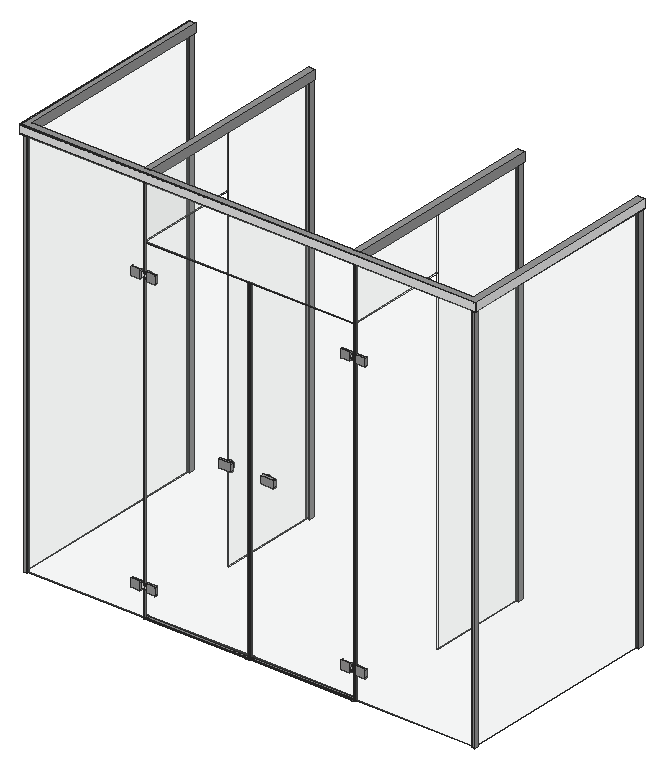
Revit family "Sanitary_Bath-screens_Modular system_Duscholux_SYSTEM210_S21-A", category Aparatos sanitarios, Revit 2019
Family settings
  Cota de conector redondo = Diámetro de uso
  Tipo de pieza = Normal
  Número OmniClass = 23.45.00.00
  Título OmniClass = Sanitary, Laundry, and Cleaning Equipment
  Se basa en plano de trabajo = No
  Siempre vertical = Sí
  Corte con vacíos al cargar = No
  Compartido = No
  Punto de cálculo de habitación = No
Parameters (values of type "Platinum Aluminium Finish Superior guide White PanElle")
  Uper profile guide = PanElle White_Duscholux Material
  Superior Glass Height = if(Max Doors Height < 2100 mm, 1 mm, (Max Height - 2134 mm))  # 366 mm
  Min Max Length fixed segment 2 = if(Length fixed segment 2 < 180 mm, 180 mm, if(Length fixed segment 2 > 1400 mm, 1400 mm, Length fixed segment 2))  # 750 mm
  Min Max Length fixed segment = if(Length fixed segment 1 < 180 mm, 180 mm, if(Length fixed segment 1 > 1400 mm, 1400 mm, Length fixed segment 1))  # 750 mm
  Min Max Doors aperture = if(Doors aperture < 400 mm, 400 mm, if(Doors aperture > 1000 mm, 1000 mm, Doors aperture))  # 650 mm
  Min Max Length Central fixed segments = if(Length Central fixed segments < 180 mm, 180 mm, if(Length Central fixed segments > 1400 mm, 1400 mm, Length Central fixed segments))  # 650 mm
  Max Doors Height = if(Max Height > 2154 mm, 2100 mm, (Max Height - 34 mm))  # 2100 mm
  Length fixed segment 2 = 750 mm
  Length fixed segment 1 = 750 mm
  Lenght = (Min Max Doors aperture * 2) + (Min Max Length fixed segment + Min Max Length fixed segment 2)  # 2800 mm
  Uniclass 2015 Description = "Shower Enclosures"
  Uniclass 2015 Code = "PR-40-20-06-79"
  URL = "http://www.duscholux.es/"
  UNSPSC Code = "30181507"
  Thickness Glass = 6 mm  # constant formula
  Thickness Fixed Segment = 8 mm  # constant formula
  Technical Inspection Certificate (Applus) = "https://www.duscholux.es/es/Descargas/"
  Series = "SYSTEM 210"
  Ref. = "S21_A"
  Products = "http://www.duscholux.es/mamparas_filtro.aspx?es"
  Openning right angle = 0.00°
  Openning left angle = 0.00°
  Opening System Image = ""
  Opening System = "Pivot Door"
  NBS Reference Description = "Shower Enclosures"
  NBS Reference Code = "45-35-70"
  Model = ""
  Min Max Length = if(Lenght < 900 mm, 900 mm, if(Lenght > 2100 mm, 2100 mm, Lenght))  # 2100 mm
  Max Height = if(Height < 1900 mm, 1900 mm, if(Height > 2500 mm, 2500 mm, Height))  # 2500 mm
  Maintenance and Cleaning = "https://www.duscholux.es/es/Cuidado-y-limpieza/"
  Image = "https://www.duscholux.es/medium/DUSCHOLUX-SYSTEM-210-NEGRO-NIEBLA-vCUADRADO.jpg?m=7563&w=960&h=960&g=0"
  IFC Classification = "Furnishing Element"
  Height = 2500 mm
  Handle Material = Anodized Aluminium_Duscholux Material-Platinum Finish
  Handle Height = Max Doors Height / 2  # 1050 mm
  Glass in Building UNE EN 12150 = "CE Conformity marking"
  Glass Material = Glass_Material-Duscholux
  Frame Material = Anodized Aluminium_Duscholux Material-Platinum Finish
  Length Central fixed segments = 650 mm
  Fact Sheet = "https://www.duscholux.es/es/Producto/System-210"
  Fabricante = "Duscholux Ibérica, S.A."
  Environmental Management ISO 14001 = "ECOEMBES Certificate"
  Doors aperture = 650 mm
  Descripción = "Modular system with fixed segments + pivot doors at 180º for different types of rooms"
  Código de montaje = "C1030200"
  Configuration enclosure = "http://configuratumampara.duscholux.es/eCatalogo.aspx"
  Components = "Eropean components"
  Type Comments = ""
  Combinations = "Customizable upper guide"
  Certified Quality UNE EN 14428 = "https://www.duscholux.es/es/Descargas/"
  COBIe Type Category = ""
  Accesories Material = Anodized Aluminium_Duscholux Material-Platinum Finish
Reference planes
  plane 1 "Centro (Frontal/Posterior)": y = 0
  plane 2: z = 0
  plane 3 "Centro (Izquierda/Derecha)": x = 0
  plane 4 "Altura total": z = 2500
  plane 5 "Altura tiradores": z = 1050
  plane 6: x = 4
  plane 7: y = 0
  plane 8 "Espesor puertas": y = 6
  plane 9 "Longitud total": x = 2800
  plane 10: z = 1920
  plane 11 "Espesor fijos": y = 8
  plane 12: x = 750
  plane 13 "Inicio vidrio puertas": z = 8
  plane 14 "Altura bisagra inferior": z = 180
  plane 15: x = 2050
  plane 16 "Ancho total": y = 1300
  plane 17: x = 2796
  plane 18: x = 2804
  plane 19 "Inicio guía superior": z = 2446
  plane 20: z = 1920
  plane 21 "Altura vidrios": z = 2466
  plane 22 "Altura puertas": z = 2100
  plane 23 "Altura bisagra superior": z = 1920
  plane 24: y = 3
  plane 25 "Eje inicio puerta 1": x = 747
  plane 26 "Eje inicio puerta 2": x = 2053
  plane 27: y = 650
  plane 28: x = 8
  plane 29: y = 0
Forms (mm)
  Extrusion 1, solid, material "Glass_Material-Duscholux" <- "Glass Material"
    sketch origin (0, 0, 0) x (1, 0, 0) y (0, 1, 0)
      loop
        line (13.847, 8) -> (13.847, 0) -> (744, 0) -> (744, 8) -> (13.847, 8)
    from 0 to 2466
  Extrusion 2, solid, material "Glass_Material-Duscholux" <- "Glass Material"
    sketch origin (750, 0, 0) x (1, 0, 0) y (0, 1, 0)
      loop
        line (0, 6) -> (0, 0) -> (644.7, 0) -> (644.7, 6) -> (0, 6)
    from 8 to 2100
  Extrusion 3, solid, material "Plástico, transparente"
    sketch origin (-322.583, -171.096, 0) x (1, 0, 0) y (0, 1, 0)
      loop
        line (1066.583, 179.096) -> (1066.583, 171.096) -> (1061.583, 171.096) -> (1061.583, 170.096) -> (1066.583, 170.096) -> (1071.183, 170.096)
        arc (1071.183, 170.096) -> (1072.583, 175.096) -> (1071.183, 180.096) r 9.629
        line (1071.183, 180.096) -> (1066.583, 180.096) -> (1061.583, 180.096) -> (1061.583, 179.096) -> (1066.583, 179.096)
      loop
        line (1067.583, 170.596) -> (1070.927, 170.596)
        arc (1070.927, 170.596) -> (1072.083, 175.096) -> (1070.927, 179.596) r 9.338
        line (1070.927, 179.596) -> (1067.583, 179.596) -> (1067.583, 170.596)
    from 1937.5 to 2446
  Extrusion 4, solid, material "Plástico, transparente"
    sketch origin (-322.583, -171.096, 0) x (1, 0, 0) y (0, 1, 0)
      loop
        line (1066.583, 179.096) -> (1066.583, 171.096) -> (1061.583, 171.096) -> (1061.583, 170.096) -> (1066.583, 170.096) -> (1071.183, 170.096)
        arc (1071.183, 170.096) -> (1072.583, 175.096) -> (1071.183, 180.096) r 9.629
        line (1071.183, 180.096) -> (1066.583, 180.096) -> (1061.583, 180.096) -> (1061.583, 179.096) -> (1066.583, 179.096)
      loop
        line (1067.583, 170.596) -> (1070.927, 170.596)
        arc (1070.927, 170.596) -> (1072.083, 175.096) -> (1070.927, 179.596) r 9.338
        line (1070.927, 179.596) -> (1067.583, 179.596) -> (1067.583, 170.596)
    from 197.5 to 1902.5
  Extrusion 5, solid, material "Plástico, transparente"
    sketch origin (-322.583, -171.096, 0) x (1, 0, 0) y (0, 1, 0)
      loop
        line (1066.583, 179.096) -> (1066.583, 171.096) -> (1061.583, 171.096) -> (1061.583, 170.096) -> (1066.583, 170.096) -> (1071.183, 170.096)
        arc (1071.183, 170.096) -> (1072.583, 175.096) -> (1071.183, 180.096) r 9.629
        line (1071.183, 180.096) -> (1066.583, 180.096) -> (1061.583, 180.096) -> (1061.583, 179.096) -> (1066.583, 179.096)
      loop
        line (1067.583, 170.596) -> (1070.927, 170.596)
        arc (1070.927, 170.596) -> (1072.083, 175.096) -> (1070.927, 179.596) r 9.338
        line (1070.927, 179.596) -> (1067.583, 179.596) -> (1067.583, 170.596)
    from 0 to 162.5
  Extrusion 6, solid, material "Glass_Material-Duscholux" <- "Glass Material"
    sketch origin (1400, 0, 0) x (1, 0, 0) y (0, 1, 0)
      loop
        line (5.3, 6) -> (5.3, 0) -> (650, 0) -> (650, 6) -> (5.3, 6)
    from 8 to 2100
  Extrusion 7, solid, material "Plástico, transparente"
    sketch origin (1622.583, -171.096, 0) x (-1, 0, 0) y (0, -1, 0)
      loop
        line (-433.417, -179.096) -> (-438.417, -179.096) -> (-438.417, -180.096) -> (-433.417, -180.096) -> (-428.817, -180.096)
        arc (-428.817, -180.096) -> (-427.417, -175.096) -> (-428.817, -170.096) r 9.629
        line (-428.817, -170.096) -> (-433.417, -170.096) -> (-438.417, -170.096) -> (-438.417, -171.096) -> (-433.417, -171.096) -> (-433.417, -179.096)
      loop
        line (-432.417, -170.596) -> (-432.417, -179.596) -> (-429.073, -179.596)
        arc (-429.073, -179.596) -> (-427.917, -175.096) -> (-429.073, -170.596) r 9.338
        line (-429.073, -170.596) -> (-432.417, -170.596)
    from 1937.5 to 2446
  Extrusion 8, solid, material "Glass_Material-Duscholux" <- "Glass Material"
    sketch origin (0, 0, 0) x (1, 0, 0) y (0, 1, 0)
      loop
        line (2056, 8) -> (2056, 0) -> (2790.153, 0) -> (2790.153, 8) -> (2056, 8)
    from 0 to 2466
  Extrusion 9, solid, material "Plástico, transparente"
    sketch origin (1622.583, -171.096, 0) x (-1, 0, 0) y (0, -1, 0)
      loop
        line (-433.417, -179.096) -> (-438.417, -179.096) -> (-438.417, -180.096) -> (-433.417, -180.096) -> (-428.817, -180.096)
        arc (-428.817, -180.096) -> (-427.417, -175.096) -> (-428.817, -170.096) r 9.629
        line (-428.817, -170.096) -> (-433.417, -170.096) -> (-438.417, -170.096) -> (-438.417, -171.096) -> (-433.417, -171.096) -> (-433.417, -179.096)
      loop
        line (-432.417, -170.596) -> (-432.417, -179.596) -> (-429.073, -179.596)
        arc (-429.073, -179.596) -> (-427.917, -175.096) -> (-429.073, -170.596) r 9.338
        line (-429.073, -170.596) -> (-432.417, -170.596)
    from 197.5 to 1902.5
  Extrusion 10, solid, material "Plástico, transparente"
    sketch origin (1622.583, -171.096, 0) x (-1, 0, 0) y (0, -1, 0)
      loop
        line (-433.417, -179.096) -> (-438.417, -179.096) -> (-438.417, -180.096) -> (-433.417, -180.096) -> (-428.817, -180.096)
        arc (-428.817, -180.096) -> (-427.417, -175.096) -> (-428.817, -170.096) r 9.629
        line (-428.817, -170.096) -> (-433.417, -170.096) -> (-438.417, -170.096) -> (-438.417, -171.096) -> (-433.417, -171.096) -> (-433.417, -179.096)
      loop
        line (-432.417, -170.596) -> (-432.417, -179.596) -> (-429.073, -179.596)
        arc (-429.073, -179.596) -> (-427.917, -175.096) -> (-429.073, -170.596) r 9.338
        line (-429.073, -170.596) -> (-432.417, -170.596)
    from 0 to 162.5
  Extrusion 11, solid, material "Anodized Aluminium_Duscholux Material-Platinum Finish" <- "Frame Material"
    sketch origin (-3.847, 0, 0) x (1, 0, 0) y (0, 1, 0)
      loop
        line (2799.647, 14.15) -> (2799.647, 17.65) -> (2797.497, 17.65) -> (2797.497, 10.35) -> (2790.5, 10.35) -> (2790.5, 8.2) -> (2794, 8.2) -> (2794, -0.2) -> (2790.5, -0.2) -> (2790.5, -2.35) -> (2810.197, -2.35) -> (2810.197, 17.65) -> (2808.047, 17.65) -> (2808.047, 14.15) -> (2799.647, 14.15)
    from 0 to 2446
  Extrusion 12, solid, material "Glass_Material-Duscholux" <- "Glass Material"
    sketch origin (0, 0, 0) x (1, 0, 0) y (0, 1, 0)
      loop
        line (2796, 14.15) -> (2804, 14.15) -> (2804, 1293.362) -> (2796, 1293.362) -> (2796, 14.15)
    from 0 to 2466
  Extrusion 13, solid, material "Anodized Aluminium_Duscholux Material-Platinum Finish" <- "Frame Material"
    sketch origin (0, 99.299, 0) x (1, 0, 0) y (0, 1, 0)
      loop
        line (2790, 1199.201) -> (2810, 1199.201) -> (2810, 1179.851) -> (2804.3, 1179.851) -> (2804.3, 1169.201) -> (2811.5, 1169.201) -> (2811.5, 1200.701) -> (2788.5, 1200.701) -> (2788.5, 1169.201) -> (2795.7, 1169.201) -> (2795.7, 1179.851) -> (2790, 1179.851) -> (2790, 1199.201)
    from 0 to 2446
  Extrusion 14, solid, material "Anodized Aluminium_Duscholux Material-Platinum Finish" <- "Accesories Material"
    sketch origin (0, 0, 0) x (1, 0, 0) y (0, 0, 1)
      loop
        line (2821.849, 2446) -> (2821.849, 2447.8) -> (2819.349, 2447.8) -> (2819.349, 2498.2) -> (2821.849, 2498.2) -> (2821.849, 2500) -> (2780.019, 2500) -> (2780.019, 2446) -> (2794.119, 2446) -> (2794.119, 2488.9) -> (2805.881, 2488.9) -> (2805.881, 2446) -> (2821.849, 2446)
    from -1300 to -23.981
  Extrusion 15, solid, material "Anodized Aluminium_Duscholux Material-Platinum Finish" <- "Accesories Material"
    sketch origin (0, 0, 0) x (0, 1, 0) y (0, 0, 1)
      loop
        line (-17.849, 2500) -> (-17.849, 2498.2) -> (-15.349, 2498.2) -> (-15.349, 2447.8) -> (-17.849, 2447.8) -> (-17.849, 2446) -> (-1.881, 2446) -> (-1.881, 2488.9) -> (9.881, 2488.9) -> (9.881, 2446) -> (23.981, 2446) -> (23.981, 2500) -> (-17.849, 2500)
    from -14.415 to 2819.546
  Extrusion 16, solid, material "PanElle White_Duscholux Material" <- "Uper profile guide"
    sketch origin (0, 0, 0) x (1, 0, 0) y (0, 0, 1)
      loop
        line (2821.946, 2498) -> (2819.546, 2498) -> (2819.546, 2448) -> (2821.946, 2448) -> (2821.946, 2498)
    from -1300 to 15.349
  Extrusion 17, solid, material "PanElle White_Duscholux Material" <- "Uper profile guide"
    sketch origin (0, 0, 0) x (0, 1, 0) y (0, 0, 1)
      loop
        line (-15.546, 2498) -> (-17.946, 2498) -> (-17.946, 2448) -> (-15.546, 2448) -> (-15.546, 2498)
    from -16.915 to 2821.946
  Extrusion 18, solid, material "Anodized Aluminium_Duscholux Material-Platinum Finish" <- "Accesories Material"
    sketch origin (0, 0, 0) x (1, 0, 0) y (0, 0, 1)
      loop
        line (2821.849, 2500) -> (2819.546, 2500) -> (2819.546, 2498.2) -> (2821.849, 2498.2) -> (2821.849, 2500)
    from -23.981 to 17.849
  Extrusion 19, solid, material "Anodized Aluminium_Duscholux Material-Platinum Finish" <- "Accesories Material"
    sketch origin (0, 0, 0) x (1, 0, 0) y (0, 0, 1)
      loop
        line (2821.849, 2446) -> (2821.849, 2447.8) -> (2819.546, 2447.8) -> (2819.546, 2446) -> (2821.849, 2446)
    from -23.981 to 17.849
  Extrusion 20, solid, material "Glass_Material-Duscholux" <- "Glass Material"
    sketch origin (0, 0, 0) x (1, 0, 0) y (0, 1, 0)
      loop
        line (2050, 8) -> (750, 8) -> (750, 0) -> (2050, 0) -> (2050, 8)
    from 2100 to 2466
  Extrusion 21, solid, material "Anodized Aluminium_Duscholux Material-Platinum Finish" <- "Frame Material"
    sketch origin (773.934, 0, 0) x (1, 0, 0) y (0, 0, 1)
      loop
        line (1299.981, 2500) -> (1258.151, 2500) -> (1258.151, 2446) -> (1274.119, 2446) -> (1274.119, 2488.9) -> (1285.881, 2488.9) -> (1285.881, 2446) -> (1299.981, 2446) -> (1299.981, 2500)
    from -1300 to -23.981
  Extrusion 22, solid, material "Anodized Aluminium_Duscholux Material-Platinum Finish" <- "Frame Material"
    sketch origin (-772.066, 0, 0) x (1, 0, 0) y (0, 0, 1)
      loop
        line (1539.981, 2500) -> (1498.151, 2500) -> (1498.151, 2446) -> (1514.119, 2446) -> (1514.119, 2488.9) -> (1525.881, 2488.9) -> (1525.881, 2446) -> (1539.981, 2446) -> (1539.981, 2500)
    from -1300 to -23.981
  Extrusion 23, solid, material "Anodized Aluminium_Duscholux Material-Platinum Finish" <- "Frame Material"
    sketch origin (-77, 99.299, 0) x (1, 0, 0) y (0, 1, 0)
      loop
        line (2120, 1199.201) -> (2140, 1199.201) -> (2140, 1179.851) -> (2134.3, 1179.851) -> (2134.3, 1169.201) -> (2141.5, 1169.201) -> (2141.5, 1200.701) -> (2118.5, 1200.701) -> (2118.5, 1169.201) -> (2125.7, 1169.201) -> (2125.7, 1179.851) -> (2120, 1179.851) -> (2120, 1199.201)
    from 0 to 2446
  Extrusion 24, solid, material "Anodized Aluminium_Duscholux Material-Platinum Finish" <- "Frame Material"
    sketch origin (-1623, 99.299, 0) x (1, 0, 0) y (0, 1, 0)
      loop
        line (2360, 1199.201) -> (2380, 1199.201) -> (2380, 1179.851) -> (2374.3, 1179.851) -> (2374.3, 1169.201) -> (2381.5, 1169.201) -> (2381.5, 1200.701) -> (2358.5, 1200.701) -> (2358.5, 1169.201) -> (2365.7, 1169.201) -> (2365.7, 1179.851) -> (2360, 1179.851) -> (2360, 1199.201)
    from 0 to 2446
  Extrusion 25, solid, material "Anodized Aluminium_Duscholux Material-Platinum Finish" <- "Frame Material"
    sketch origin (1400, 0, 0) x (1, 0, 0) y (0, 1, 0)
      loop
        line (7.26, 6.095) -> (7.26, 7.095) -> (4.408, 7.807) -> (0.7, 7.547) -> (0, 6.593) -> (0, -0.593) -> (0.7, -1.547) -> (4.408, -1.807) -> (7.26, -1.095) -> (7.26, -0.095) -> (5.3, -0.095) -> (5.3, 3) -> (5.3, 6.095) -> (7.26, 6.095)
    from 0 to 2100
  Extrusion 26, solid, material "Anodized Aluminium_Duscholux Material-Platinum Finish" <- "Frame Material"
    sketch origin (750, 0, 0) x (1, 0, 0) y (0, 1, 0)
      loop
        line (649.3, 7.547) -> (645.592, 7.807) -> (642.74, 7.095) -> (642.74, 6.095) -> (644.7, 6.095) -> (644.7, 3) -> (644.7, -0.095) -> (642.74, -0.095) -> (642.74, -1.095) -> (645.592, -1.807) -> (649.3, -1.547) -> (650, -0.593) -> (650, 6.593) -> (649.3, 7.547)
    from 0 to 2100
  Extrusion 27, solid, material "Glass_Material-Duscholux" <- "Glass Material"
    sketch origin (0, 0, 0) x (1, 0, 0) y (0, 1, 0)
      loop
        line (743, 650) -> (743, 9.881) -> (751, 9.881) -> (751, 650) -> (743, 650)
    from 2100 to 2466
  Extrusion 28, solid, material "Glass_Material-Duscholux" <- "Glass Material"
    sketch origin (0, 0, 0) x (1, 0, 0) y (0, 1, 0)
      loop
        line (751, 650) -> (751, 1293.106) -> (743, 1293.106) -> (743, 650) -> (751, 650)
    from 0 to 2466
  Extrusion 29, solid, material "Glass_Material-Duscholux" <- "Glass Material"
    sketch origin (0, 0, 0) x (1, 0, 0) y (0, 1, 0)
      loop
        line (2057, 9.881) -> (2057, 650) -> (2049.03, 650) -> (2049.03, 9.881) -> (2057, 9.881)
    from 2100 to 2466
  Extrusion 30, solid, material "Glass_Material-Duscholux" <- "Glass Material"
    sketch origin (0, 0, 0) x (1, 0, 0) y (0, 1, 0)
      loop
        line (2057, 650) -> (2057, 1293.362) -> (2049.03, 1293.362) -> (2049.03, 650) -> (2057, 650)
    from 0 to 2466
  Extrusion 31, solid, material "Anodized Aluminium_Duscholux Material-Platinum Finish" <- "Frame Material"
    sketch origin (-2896, 99.299, 0) x (1, 0, 0) y (0, 1, 0)
      loop
        line (2890, 1199.201) -> (2910, 1199.201) -> (2910, 1179.851) -> (2904.3, 1179.851) -> (2904.3, 1169.201) -> (2911.5, 1169.201) -> (2911.5, 1200.701) -> (2888.5, 1200.701) -> (2888.5, 1169.201) -> (2895.7, 1169.201) -> (2895.7, 1179.851) -> (2890, 1179.851) -> (2890, 1199.201)
    from 0 to 2446
  Extrusion 32, solid, material "Anodized Aluminium_Duscholux Material-Platinum Finish" <- "Frame Material"
    sketch origin (2907.847, 0, 0) x (-1, 0, 0) y (0, -1, 0)
      loop
        line (2899.647, -14.15) -> (2908.047, -14.15) -> (2908.047, -17.65) -> (2910.197, -17.65) -> (2910.197, 2.35) -> (2890.5, 2.35) -> (2890.5, 0.2) -> (2894, 0.2) -> (2894, -8.2) -> (2890.5, -8.2) -> (2890.5, -10.35) -> (2897.497, -10.35) -> (2897.497, -17.65) -> (2899.647, -17.65) -> (2899.647, -14.15)
    from 0 to 2446
  Extrusion 33, solid, material "Glass_Material-Duscholux" <- "Glass Material"
    sketch origin (0, 0, 0) x (1, 0, 0) y (0, 1, 0)
      loop
        line (8, 14.15) -> (8, 1293.106) -> (0, 1293.106) -> (0, 14.15) -> (8, 14.15)
    from 0 to 2466
  Extrusion 34, solid, material "Anodized Aluminium_Duscholux Material-Platinum Finish" <- "Accesories Material"
    sketch origin (2804.934, 0, 0) x (-1, 0, 0) y (0, 0, -1)
      loop
        line (2821.849, -2446) -> (2805.881, -2446) -> (2805.881, -2488.9) -> (2794.119, -2488.9) -> (2794.119, -2446) -> (2780.019, -2446) -> (2780.019, -2500) -> (2821.849, -2500) -> (2821.849, -2498.2) -> (2819.349, -2498.2) -> (2819.349, -2447.8) -> (2821.849, -2447.8) -> (2821.849, -2446)
    from -1300 to -23.981
  Extrusion 35, solid, material "Anodized Aluminium_Duscholux Material-Platinum Finish" <- "Accesories Material"
    sketch origin (0, 0, 0) x (1, 0, 0) y (0, 0, 1)
      loop
        line (-16.915, 2500) -> (-16.915, 2498.2) -> (-14.415, 2498.2) -> (-14.415, 2500) -> (-16.915, 2500)
    from -23.981 to 17.849
  Extrusion 36, solid, material "Anodized Aluminium_Duscholux Material-Platinum Finish" <- "Accesories Material"
    sketch origin (0, 0, 0) x (1, 0, 0) y (0, 0, 1)
      loop
        line (-16.915, 2447.8) -> (-16.915, 2446) -> (-14.415, 2446) -> (-14.415, 2447.8) -> (-16.915, 2447.8)
    from -23.981 to 17.849
  Extrusion 37, solid, material "PanElle White_Duscholux Material" <- "Uper profile guide"
    sketch origin (0, 0, 0) x (1, 0, 0) y (0, 0, 1)
      loop
        line (-14.415, 2498) -> (-16.915, 2498) -> (-16.915, 2448) -> (-14.415, 2448) -> (-14.415, 2498)
    from -1300 to 15.546
Cuts and joins
  joined: Extrusion 14, Extrusion 15, Extrusion 18, Extrusion 19, Extrusion 34, Extrusion 35, Extrusion 36
Lines and regions (mm)
  reference lines
    curve 1: line (750, 0, 0) -> (1400, 0, 0)
    curve 2: line (1400, 0, 0) -> (2050, 0, 0)
    curve 9: line (1518.693, 26.492, 0) -> (1518.693, -158.508, 0)
  symbolic lines
    curve 3: line (750, -650, 0) -> (750, 0, 0)
    curve 4: line (750, 650, 0) -> (750, 0, 0)
    curve 5: arc (750, 650, 0) -> (1400, 0, 0) -> (750, -650, 0) r 650
    curve 6: line (2050, 650, 0) -> (2050, 0, 0)
    curve 7: line (2050, -650, 0) -> (2050, 0, 0)
    curve 8: arc (2050, -650, 0) -> (1400, 0, 0) -> (2050, 650, 0) r 650
Dimensions and locks
  locked: plane 3 "Centro (Izquierda/Derecha)" to plane 6 at 4
  "Handle Height": plane 5 "Altura tiradores" to level
  "Lenght": plane 3 "Centro (Izquierda/Derecha)" to plane 9 "Longitud total"
  locked: nested 3 to Extrusion 4 at 17.5
  locked: Extrusion 3 to plane 10 at 17.5
  "Min Max Length fixed segment": plane 3 "Centro (Izquierda/Derecha)" to plane 12
  locked: nested 3 to plane 12 at 6
  locked: plane 12 to nested 3 at 6
  "Min Max Doors aperture": curve 1 to curve 1
  locked: plane 13 "Inicio vidrio puertas" to level at 8
  locked: plane 14 "Altura bisagra inferior" to level at 180
  "Max Height": plane 4 "Altura total" to level
  "Min Max Length fixed segment 2": plane 15 to plane 9 "Longitud total"
  "Min Max Doors aperture": curve 2 to curve 2
  "Min Max Doors aperture": curve 3 to curve 3
  "Min Max Doors aperture": curve 4 to curve 4
  "Min Max Doors aperture": curve 6 to curve 6
  "Min Max Doors aperture": curve 7 to curve 7
  "Thickness Fixed Segment": Extrusion 1 to Extrusion 1
  "Thickness Fixed Segment": Extrusion 8 to Extrusion 8
  plane 17 to plane 9 "Longitud total" to plane 18 = 4 mm locked, 4 mm locked
  locked: plane 16 "Ancho total" to Extrusion 12 at 6.638
  locked: Extrusion 14 to plane 9 "Longitud total" at 19.981
  locked: plane 9 "Longitud total" to Extrusion 16 at 19.546
  locked: Extrusion 16 to cut or joined group of Extrusion 14, Extrusion 15, Extrusion 18, Extrusion 19, Extrusion 34, Extrusion 35, Extrusion 36 at 2.4
  locked: plane 4 "Altura total" to plane 19 "Inicio guía superior" at 54
  locked: plane 21 "Altura vidrios" to plane 19 "Inicio guía superior" at 20
  "Max Doors Height": plane 22 "Altura puertas" to level
  locked: plane 22 "Altura puertas" to plane 23 "Altura bisagra superior" at 180
  "Superior Glass Height": Extrusion 20 to plane 22 "Altura puertas"
  locked: plane 25 "Eje inicio puerta 1" to plane 12 at 3
  locked: plane 15 to plane 26 "Eje inicio puerta 2" at 3
  "Min Max Doors aperture": plane 27 to plane 7
  "Superior Glass Height": Extrusion 27 to plane 22 "Altura puertas"
  locked: plane 16 "Ancho total" to Extrusion 28 at 6.894
  "Superior Glass Height": Extrusion 29 to plane 22 "Altura puertas"
  "Min Max Length Central fixed segments": plane 16 "Ancho total" to plane 27
  plane 3 "Centro (Izquierda/Derecha)" to plane 9 "Longitud total" = 2800 mm
  locked: Extrusion 34 to plane 6 at 18.415
  locked: Extrusion 25 to nested 12 at 113.393
  angle curve 1 to plane 7 = 0.00°
  "Openning right angle": angle plane 7 to curve 2
  locked: curve 2 to curve 9 (angle 90.00°)
  "Openning left angle": angle curve 1 to plane 29
  aligned and locked: level to plane 2
  aligned and locked: plane 12 to curve 1
  aligned and locked: plane 7 to curve 1
  aligned and locked: nested 3 to plane 10
  aligned and locked: nested 4 to Extrusion 2
  aligned and locked: nested 2 to Extrusion 2
  aligned and locked: nested 5 to plane 10
  aligned and locked: nested 5 to Extrusion 2
  aligned and locked: Extrusion 2 to plane 13 "Inicio vidrio puertas"
  aligned and locked: Extrusion 5 to level
  aligned and locked: curve 2 to plane 7
  aligned and locked: plane 15 to curve 2
  aligned and locked: Extrusion 2 to Extrusion 6
  aligned and locked: plane 10 to nested 9
  aligned and locked: plane 10 to nested 7
  aligned and locked: Extrusion 3 to Extrusion 7
  aligned and locked: Extrusion 9 to Extrusion 4
  aligned and locked: Extrusion 4 to Extrusion 9
  aligned and locked: Extrusion 10 to Extrusion 8
  aligned and locked: Extrusion 10 to Extrusion 5
  aligned and locked: Extrusion 8 to nested 9
  aligned and locked: Extrusion 8 to nested 8
  aligned and locked: plane 5 "Altura tiradores" to nested 12
  aligned and locked: nested 11 to plane 5 "Altura tiradores"
  aligned and locked: Extrusion 8 to Extrusion 11
  aligned and locked: Extrusion 12 sketch curve to plane 17
  aligned and locked: plane 18 to Extrusion 12 sketch curve
  aligned and locked: plane 16 "Ancho total" to Extrusion 13
  aligned and locked: plane 16 "Ancho total" to Extrusion 14
  aligned and locked: plane 19 "Inicio guía superior" to Extrusion 13
  aligned and locked: plane 19 "Inicio guía superior" to Extrusion 7
  aligned and locked: plane 16 "Ancho total" to Extrusion 16
  aligned and locked: Extrusion 15 to Extrusion 16
  aligned and locked: Extrusion 18 sketch curve to cut or joined group of Extrusion 14, Extrusion 15, Extrusion 18, Extrusion 19, Extrusion 34, Extrusion 35, Extrusion 36  (x3)
  aligned and locked: cut or joined group of Extrusion 14, Extrusion 15, Extrusion 18, Extrusion 19, Extrusion 34, Extrusion 35, Extrusion 36 to Extrusion 18 sketch curve
  aligned and locked: Extrusion 18 to cut or joined group of Extrusion 14, Extrusion 15, Extrusion 18, Extrusion 19, Extrusion 34, Extrusion 35, Extrusion 36
  aligned and locked: Extrusion 19 sketch curve to cut or joined group of Extrusion 14, Extrusion 15, Extrusion 18, Extrusion 19, Extrusion 34, Extrusion 35, Extrusion 36  (x3)
  aligned and locked: cut or joined group of Extrusion 14, Extrusion 15, Extrusion 18, Extrusion 19, Extrusion 34, Extrusion 35, Extrusion 36 to Extrusion 19 sketch curve
  aligned and locked: Extrusion 19 to cut or joined group of Extrusion 14, Extrusion 15, Extrusion 18, Extrusion 19, Extrusion 34, Extrusion 35, Extrusion 36  (x2)
  aligned and locked: Extrusion 17 to Extrusion 16
  aligned and locked: plane 19 "Inicio guía superior" to Extrusion 11
  aligned and locked: Extrusion 3 to cut or joined group of Extrusion 14, Extrusion 15, Extrusion 18, Extrusion 19, Extrusion 34, Extrusion 35, Extrusion 36
  aligned and locked: cut or joined group of Extrusion 14, Extrusion 15, Extrusion 18, Extrusion 19, Extrusion 34, Extrusion 35, Extrusion 36 to plane 19 "Inicio guía superior"
  aligned and locked: plane 21 "Altura vidrios" to Extrusion 12
  aligned and locked: plane 21 "Altura vidrios" to Extrusion 8
  aligned and locked: plane 21 "Altura vidrios" to Extrusion 1
  aligned and locked: plane 22 "Altura puertas" to Extrusion 6
  aligned and locked: plane 22 "Altura puertas" to Extrusion 2
  aligned and locked: plane 10 to plane 23 "Altura bisagra superior"
  aligned and locked: nested 10 to Extrusion 6
  aligned and locked: Extrusion 20 to Extrusion 6
  aligned and locked: plane 15 to Extrusion 20
  aligned and locked: plane 16 "Ancho total" to Extrusion 21
  aligned and locked: plane 16 "Ancho total" to Extrusion 22
  aligned and locked: plane 19 "Inicio guía superior" to Extrusion 23
  aligned and locked: plane 19 "Inicio guía superior" to Extrusion 24
  aligned and locked: Extrusion 25 to nested 10
  aligned and locked: plane 22 "Altura puertas" to Extrusion 25
  aligned and locked: Extrusion 26 to Extrusion 2
  aligned and locked: plane 22 "Altura puertas" to Extrusion 26
  aligned and locked: nested 4 to Extrusion 26
  aligned and locked: Extrusion 27 to Extrusion 2
  aligned and locked: cut or joined group of Extrusion 14, Extrusion 15, Extrusion 18, Extrusion 19, Extrusion 34, Extrusion 35, Extrusion 36 to Extrusion 27
  aligned and locked: Extrusion 28 sketch curve to Extrusion 27
  aligned and locked: Extrusion 28 to plane 27
  aligned and locked: plane 21 "Altura vidrios" to Extrusion 28
  aligned and locked: plane 27 to Extrusion 29
  aligned and locked: cut or joined group of Extrusion 14, Extrusion 15, Extrusion 18, Extrusion 19, Extrusion 34, Extrusion 35, Extrusion 36 to Extrusion 29
  aligned and locked: Extrusion 29 to plane 22 "Altura puertas"
  aligned and locked: Extrusion 30 sketch curve to Extrusion 29
  aligned and locked: Extrusion 12 to Extrusion 30
  aligned and locked: plane 21 "Altura vidrios" to Extrusion 30
  aligned and locked: Extrusion 20 to plane 12
  aligned and locked: Extrusion 1 to Extrusion 32
  aligned and locked: Extrusion 33 sketch curve to plane 28
  aligned and locked: plane 3 "Centro (Izquierda/Derecha)" to Extrusion 33 sketch curve
  aligned and locked: Extrusion 28 to Extrusion 33
  aligned and locked: plane 21 "Altura vidrios" to Extrusion 33
  aligned and locked: plane 16 "Ancho total" to Extrusion 31
  aligned and locked: plane 19 "Inicio guía superior" to Extrusion 32
  aligned and locked: plane 16 "Ancho total" to Extrusion 34
  aligned and locked: Extrusion 34 to Extrusion 15
  aligned and locked: Extrusion 35 sketch curve to Extrusion 34  (x2)
  aligned and locked: Extrusion 35 sketch curve to cut or joined group of Extrusion 14, Extrusion 15, Extrusion 18, Extrusion 19, Extrusion 34, Extrusion 35, Extrusion 36  (x2)
  aligned and locked: Extrusion 35 to cut or joined group of Extrusion 14, Extrusion 15, Extrusion 18, Extrusion 19, Extrusion 34, Extrusion 35, Extrusion 36  (x2)
  aligned and locked: Extrusion 36 sketch curve to Extrusion 34  (x2)
  aligned and locked: Extrusion 36 sketch curve to cut or joined group of Extrusion 14, Extrusion 15, Extrusion 18, Extrusion 19, Extrusion 34, Extrusion 35, Extrusion 36
  aligned and locked: cut or joined group of Extrusion 14, Extrusion 15, Extrusion 18, Extrusion 19, Extrusion 34, Extrusion 35, Extrusion 36 to Extrusion 36 sketch curve
  aligned and locked: cut or joined group of Extrusion 14, Extrusion 15, Extrusion 18, Extrusion 19, Extrusion 34, Extrusion 35, Extrusion 36 to Extrusion 36
  aligned and locked: Extrusion 36 to cut or joined group of Extrusion 14, Extrusion 15, Extrusion 18, Extrusion 19, Extrusion 34, Extrusion 35, Extrusion 36
  aligned and locked: cut or joined group of Extrusion 14, Extrusion 15, Extrusion 18, Extrusion 19, Extrusion 34, Extrusion 35, Extrusion 36 to Extrusion 17
  aligned and locked: plane 19 "Inicio guía superior" to Extrusion 31
  aligned and locked: Extrusion 37 sketch curve to cut or joined group of Extrusion 14, Extrusion 15, Extrusion 18, Extrusion 19, Extrusion 34, Extrusion 35, Extrusion 36
  aligned and locked: Extrusion 37 sketch curve to Extrusion 17
  aligned and locked: Extrusion 17 to Extrusion 37 sketch curve
  aligned and locked: Extrusion 37 to Extrusion 17  (x2)
  aligned and locked: plane 16 "Ancho total" to Extrusion 37
  aligned and locked: curve 9 to nested 12
  aligned and locked: plane 29 to plane 1 "Centro (Frontal/Posterior)"
Automatic sketch dimensions
  plane 1 "Centro (Frontal/Posterior)" to curve 3 = 0 mm
  curve 3 to plane 12 = 0 mm
  curve 6 to plane 15 = 0 mm
  plane 1 "Centro (Frontal/Posterior)" to curve 8 = 0 mm
  plane 1 "Centro (Frontal/Posterior)" to Extrusion 1 sketch curve = 0 mm
  Extrusion 1 sketch curve to plane 11 "Espesor fijos" = 0 mm
  plane 28 to Extrusion 1 sketch curve = 5.847 mm
  Extrusion 1 sketch curve to plane 25 "Eje inicio puerta 1" = 3 mm
  Extrusion 2 sketch curve to curve 1 = 0 mm  (x2)
  curve 1 to Extrusion 2 sketch curve = 6 mm
  Extrusion 2 sketch curve to curve 1 = 5.3 mm
  Extrusion 3 sketch curve to plane 11 "Espesor fijos" = 0 mm
  plane 1 "Centro (Frontal/Posterior)" to Extrusion 3 sketch curve = 0 mm
  Extrusion 3 sketch curve to plane 25 "Eje inicio puerta 1" = 8 mm
  Extrusion 3 sketch curve to Extrusion 3 sketch curve = 0 mm  (x4)
  Extrusion 3 sketch curve to plane 24 = 1 mm
  Extrusion 3 sketch curve to Extrusion 3 sketch curve = 1.162 mm
  Extrusion 3 sketch curve to Extrusion 3 sketch curve = 0.209 mm
  Extrusion 3 sketch curve to plane 25 "Eje inicio puerta 1" = 3 mm
  plane 1 "Centro (Frontal/Posterior)" to Extrusion 3 sketch curve = 0.5 mm
  Extrusion 3 sketch curve to Extrusion 3 sketch curve = 1 mm  (x2)
  plane 11 "Espesor fijos" to Extrusion 3 sketch curve = 0.5 mm
  plane 25 "Eje inicio puerta 1" to Extrusion 3 sketch curve = 1.344 mm
  Extrusion 3 sketch curve to Extrusion 3 sketch curve = 0.256 mm  (x2)
  Extrusion 4 sketch curve to plane 11 "Espesor fijos" = 0 mm
  plane 1 "Centro (Frontal/Posterior)" to Extrusion 4 sketch curve = 0 mm
  Extrusion 4 sketch curve to plane 25 "Eje inicio puerta 1" = 8 mm
  Extrusion 4 sketch curve to Extrusion 4 sketch curve = 0 mm  (x4)
  Extrusion 4 sketch curve to plane 24 = 1 mm
  Extrusion 4 sketch curve to Extrusion 4 sketch curve = 1.162 mm
  Extrusion 4 sketch curve to Extrusion 4 sketch curve = 0.209 mm
  Extrusion 4 sketch curve to plane 25 "Eje inicio puerta 1" = 3 mm
  plane 1 "Centro (Frontal/Posterior)" to Extrusion 4 sketch curve = 0.5 mm
  Extrusion 4 sketch curve to Extrusion 4 sketch curve = 1 mm  (x2)
  plane 11 "Espesor fijos" to Extrusion 4 sketch curve = 0.5 mm
  plane 25 "Eje inicio puerta 1" to Extrusion 4 sketch curve = 1.344 mm
  Extrusion 4 sketch curve to Extrusion 4 sketch curve = 0.256 mm  (x2)
  Extrusion 5 sketch curve to plane 11 "Espesor fijos" = 0 mm
  plane 1 "Centro (Frontal/Posterior)" to Extrusion 5 sketch curve = 0 mm
  Extrusion 5 sketch curve to plane 25 "Eje inicio puerta 1" = 8 mm
  Extrusion 5 sketch curve to Extrusion 5 sketch curve = 0 mm  (x4)
  Extrusion 5 sketch curve to plane 24 = 1 mm
  Extrusion 5 sketch curve to Extrusion 5 sketch curve = 1.162 mm
  Extrusion 5 sketch curve to Extrusion 5 sketch curve = 0.209 mm
  Extrusion 5 sketch curve to plane 25 "Eje inicio puerta 1" = 3 mm
  plane 1 "Centro (Frontal/Posterior)" to Extrusion 5 sketch curve = 0.5 mm
  Extrusion 5 sketch curve to Extrusion 5 sketch curve = 1 mm  (x2)
  plane 11 "Espesor fijos" to Extrusion 5 sketch curve = 0.5 mm
  plane 25 "Eje inicio puerta 1" to Extrusion 5 sketch curve = 1.344 mm
  Extrusion 5 sketch curve to Extrusion 5 sketch curve = 0.256 mm  (x2)
  curve 2 to Extrusion 6 sketch curve = 0 mm
  Extrusion 6 sketch curve to curve 2 = 0 mm
  curve 2 to Extrusion 6 sketch curve = 6 mm
  curve 2 to Extrusion 6 sketch curve = 5.3 mm
  Extrusion 7 sketch curve to plane 11 "Espesor fijos" = 0 mm
  plane 1 "Centro (Frontal/Posterior)" to Extrusion 7 sketch curve = 0 mm
  Extrusion 7 sketch curve to plane 26 "Eje inicio puerta 2" = 8 mm
  Extrusion 7 sketch curve to Extrusion 7 sketch curve = 0 mm  (x4)
  plane 24 to Extrusion 7 sketch curve = 1 mm
  Extrusion 7 sketch curve to Extrusion 7 sketch curve = 1.162 mm
  Extrusion 7 sketch curve to Extrusion 7 sketch curve = 0.209 mm
  Extrusion 7 sketch curve to plane 26 "Eje inicio puerta 2" = 3 mm
  Extrusion 7 sketch curve to plane 1 "Centro (Frontal/Posterior)" = 0.5 mm
  Extrusion 7 sketch curve to Extrusion 7 sketch curve = 1 mm  (x2)
  Extrusion 7 sketch curve to plane 11 "Espesor fijos" = 0.5 mm
  plane 26 "Eje inicio puerta 2" to Extrusion 7 sketch curve = 1.344 mm
  Extrusion 7 sketch curve to Extrusion 7 sketch curve = 0.256 mm  (x2)
  plane 1 "Centro (Frontal/Posterior)" to Extrusion 8 sketch curve = 0 mm
  Extrusion 8 sketch curve to plane 11 "Espesor fijos" = 0 mm
  plane 26 "Eje inicio puerta 2" to Extrusion 8 sketch curve = 3 mm
  Extrusion 8 sketch curve to plane 17 = 5.847 mm
  Extrusion 9 sketch curve to plane 11 "Espesor fijos" = 0 mm
  plane 1 "Centro (Frontal/Posterior)" to Extrusion 9 sketch curve = 0 mm
  Extrusion 9 sketch curve to plane 26 "Eje inicio puerta 2" = 8 mm
  Extrusion 9 sketch curve to Extrusion 9 sketch curve = 0 mm  (x4)
  plane 24 to Extrusion 9 sketch curve = 1 mm
  Extrusion 9 sketch curve to Extrusion 9 sketch curve = 1.162 mm
  Extrusion 9 sketch curve to Extrusion 9 sketch curve = 0.209 mm
  Extrusion 9 sketch curve to plane 26 "Eje inicio puerta 2" = 3 mm
  Extrusion 9 sketch curve to plane 1 "Centro (Frontal/Posterior)" = 0.5 mm
  Extrusion 9 sketch curve to Extrusion 9 sketch curve = 1 mm  (x2)
  Extrusion 9 sketch curve to plane 11 "Espesor fijos" = 0.5 mm
  plane 26 "Eje inicio puerta 2" to Extrusion 9 sketch curve = 1.344 mm
  Extrusion 9 sketch curve to Extrusion 9 sketch curve = 0.256 mm  (x2)
  Extrusion 10 sketch curve to plane 11 "Espesor fijos" = 0 mm
  plane 1 "Centro (Frontal/Posterior)" to Extrusion 10 sketch curve = 0 mm
  Extrusion 10 sketch curve to plane 26 "Eje inicio puerta 2" = 8 mm
  Extrusion 10 sketch curve to Extrusion 10 sketch curve = 0 mm  (x4)
  plane 24 to Extrusion 10 sketch curve = 1 mm
  Extrusion 10 sketch curve to Extrusion 10 sketch curve = 1.162 mm
  Extrusion 10 sketch curve to Extrusion 10 sketch curve = 0.209 mm
  Extrusion 10 sketch curve to plane 26 "Eje inicio puerta 2" = 3 mm
  Extrusion 10 sketch curve to plane 1 "Centro (Frontal/Posterior)" = 0.5 mm
  Extrusion 10 sketch curve to Extrusion 10 sketch curve = 1 mm  (x2)
  Extrusion 10 sketch curve to plane 11 "Espesor fijos" = 0.5 mm
  plane 26 "Eje inicio puerta 2" to Extrusion 10 sketch curve = 1.344 mm
  Extrusion 10 sketch curve to Extrusion 10 sketch curve = 0.256 mm  (x2)
  plane 1 "Centro (Frontal/Posterior)" to Extrusion 11 sketch curve = 2.35 mm
  Extrusion 11 sketch curve to plane 17 = 9.347 mm
  plane 11 "Espesor fijos" to Extrusion 11 sketch curve = 0.2 mm
  Extrusion 11 sketch curve to Extrusion 11 sketch curve = 0 mm
  plane 1 "Centro (Frontal/Posterior)" to Extrusion 11 sketch curve = 0.2 mm
  Extrusion 11 sketch curve to Extrusion 11 sketch curve = 3.5 mm  (x3)
  Extrusion 11 sketch curve to plane 17 = 2.35 mm
  Extrusion 11 sketch curve to plane 17 = 0.2 mm
  plane 18 to Extrusion 11 sketch curve = 0.2 mm
  Extrusion 11 sketch curve to Extrusion 11 sketch curve = 2.15 mm  (x2)
  plane 11 "Espesor fijos" to Extrusion 11 sketch curve = 6.15 mm
  plane 11 "Espesor fijos" to Extrusion 12 sketch curve = 6.15 mm
  Extrusion 12 sketch curve to plane 16 "Ancho total" = 6.638 mm
  Extrusion 13 sketch curve to plane 16 "Ancho total" = 0 mm
  Extrusion 13 sketch curve to plane 17 = 7.5 mm
  Extrusion 13 sketch curve to Extrusion 13 sketch curve = 1.5 mm  (x2)
  Extrusion 13 sketch curve to plane 17 = 0.3 mm
  plane 18 to Extrusion 13 sketch curve = 0.3 mm
  Extrusion 13 sketch curve to Extrusion 13 sketch curve = 5.7 mm
  Extrusion 13 sketch curve to plane 16 "Ancho total" = 1.5 mm
  Extrusion 13 sketch curve to Extrusion 13 sketch curve = 19.35 mm
  Extrusion 13 sketch curve to Extrusion 13 sketch curve = 0 mm  (x2)
  Extrusion 13 sketch curve to Extrusion 13 sketch curve = 10.65 mm
  Extrusion 14 sketch curve to plane 4 "Altura total" = 0 mm
  Extrusion 14 sketch curve to plane 19 "Inicio guía superior" = 0 mm
  Extrusion 14 sketch curve to plane 17 = 15.981 mm
  Extrusion 14 sketch curve to plane 17 = 1.881 mm
  plane 18 to Extrusion 14 sketch curve = 1.881 mm
  Extrusion 14 sketch curve to plane 4 "Altura total" = 1.8 mm
  plane 18 to Extrusion 14 sketch curve = 15.349 mm
  Extrusion 14 sketch curve to Extrusion 14 sketch curve = 2.5 mm  (x2)
  plane 19 "Inicio guía superior" to Extrusion 14 sketch curve = 0 mm
  Extrusion 14 sketch curve to Extrusion 14 sketch curve = 1.8 mm
  Extrusion 14 sketch curve to plane 4 "Altura total" = 11.1 mm
  Extrusion 15 sketch curve to plane 4 "Altura total" = 0 mm
  Extrusion 15 sketch curve to plane 19 "Inicio guía superior" = 0 mm  (x2)
  plane 1 "Centro (Frontal/Posterior)" to Extrusion 15 sketch curve = 17.849 mm  (x2)
  plane 19 "Inicio guía superior" to Extrusion 15 sketch curve = 1.8 mm
  Extrusion 15 sketch curve to Extrusion 15 sketch curve = 2.5 mm
  plane 1 "Centro (Frontal/Posterior)" to Extrusion 15 sketch curve = 1.881 mm
  plane 11 "Espesor fijos" to Extrusion 15 sketch curve = 1.881 mm
  plane 11 "Espesor fijos" to Extrusion 15 sketch curve = 15.981 mm
  Extrusion 15 sketch curve to plane 4 "Altura total" = 11.1 mm
  Extrusion 15 sketch curve to plane 4 "Altura total" = 1.8 mm
  Extrusion 16 sketch curve to plane 4 "Altura total" = 2 mm
  plane 18 to Extrusion 16 sketch curve = 15.546 mm
  Extrusion 16 sketch curve to Extrusion 16 sketch curve = 2.4 mm
  plane 19 "Inicio guía superior" to Extrusion 16 sketch curve = 2 mm
  Extrusion 17 sketch curve to plane 4 "Altura total" = 2 mm
  plane 1 "Centro (Frontal/Posterior)" to Extrusion 17 sketch curve = 17.946 mm
  Extrusion 17 sketch curve to Extrusion 17 sketch curve = 2.4 mm
  plane 19 "Inicio guía superior" to Extrusion 17 sketch curve = 2 mm
  Extrusion 20 sketch curve to plane 11 "Espesor fijos" = 0 mm
  Extrusion 20 sketch curve to plane 12 = 0 mm
  plane 1 "Centro (Frontal/Posterior)" to Extrusion 20 sketch curve = 0 mm
  Extrusion 20 sketch curve to plane 15 = 0 mm
  Extrusion 21 sketch curve to plane 4 "Altura total" = 0 mm
  Extrusion 21 sketch curve to plane 19 "Inicio guía superior" = 0 mm  (x2)
  Extrusion 21 sketch curve to plane 15 = 17.915 mm
  Extrusion 21 sketch curve to plane 15 = 1.948 mm
  plane 26 "Eje inicio puerta 2" to Extrusion 21 sketch curve = 6.815 mm
  Extrusion 21 sketch curve to Extrusion 21 sketch curve = 14.1 mm
  Extrusion 21 sketch curve to plane 4 "Altura total" = 11.1 mm
  Extrusion 22 sketch curve to plane 4 "Altura total" = 0 mm
  Extrusion 22 sketch curve to plane 19 "Inicio guía superior" = 0 mm  (x2)
  Extrusion 22 sketch curve to plane 25 "Eje inicio puerta 1" = 20.915 mm
  Extrusion 22 sketch curve to plane 25 "Eje inicio puerta 1" = 4.948 mm
  plane 12 to Extrusion 22 sketch curve = 3.815 mm
  Extrusion 22 sketch curve to Extrusion 22 sketch curve = 14.1 mm
  Extrusion 22 sketch curve to plane 4 "Altura total" = 11.1 mm
  Extrusion 23 sketch curve to plane 16 "Ancho total" = 0 mm
  Extrusion 23 sketch curve to plane 15 = 8.5 mm
  Extrusion 23 sketch curve to Extrusion 23 sketch curve = 1.5 mm  (x2)
  Extrusion 23 sketch curve to plane 15 = 1.3 mm
  plane 26 "Eje inicio puerta 2" to Extrusion 23 sketch curve = 4.3 mm
  Extrusion 23 sketch curve to Extrusion 23 sketch curve = 5.7 mm
  Extrusion 23 sketch curve to plane 16 "Ancho total" = 1.5 mm
  Extrusion 23 sketch curve to Extrusion 23 sketch curve = 19.35 mm
  Extrusion 23 sketch curve to Extrusion 23 sketch curve = 0 mm  (x2)
  Extrusion 23 sketch curve to Extrusion 23 sketch curve = 10.65 mm
  Extrusion 24 sketch curve to plane 16 "Ancho total" = 0 mm
  Extrusion 24 sketch curve to plane 25 "Eje inicio puerta 1" = 11.5 mm
  Extrusion 24 sketch curve to Extrusion 24 sketch curve = 1.5 mm  (x2)
  Extrusion 24 sketch curve to plane 25 "Eje inicio puerta 1" = 4.3 mm
  plane 12 to Extrusion 24 sketch curve = 1.3 mm
  Extrusion 24 sketch curve to Extrusion 24 sketch curve = 5.7 mm
  Extrusion 24 sketch curve to plane 16 "Ancho total" = 1.5 mm
  Extrusion 24 sketch curve to Extrusion 24 sketch curve = 19.35 mm
  Extrusion 24 sketch curve to Extrusion 24 sketch curve = 0 mm  (x2)
  Extrusion 24 sketch curve to Extrusion 24 sketch curve = 10.65 mm
  Extrusion 25 sketch curve to curve 2 = 0 mm
  Extrusion 25 sketch curve to curve 2 = 0.593 mm
  curve 2 to Extrusion 25 sketch curve = 6.593 mm
  curve 2 to Extrusion 25 sketch curve = 0.7 mm  (x2)
  Extrusion 25 sketch curve to Extrusion 25 sketch curve = 3.708 mm  (x2)
  curve 2 to Extrusion 25 sketch curve = 1.807 mm
  Extrusion 25 sketch curve to Extrusion 25 sketch curve = 0.892 mm
  curve 2 to Extrusion 25 sketch curve = 1.095 mm
  Extrusion 25 sketch curve to Extrusion 25 sketch curve = 1.96 mm  (x2)
  Extrusion 25 sketch curve to curve 2 = 1.547 mm
  curve 2 to Extrusion 25 sketch curve = 0.095 mm
  Extrusion 25 sketch curve to curve 2 = 3 mm
  Extrusion 25 sketch curve to Extrusion 25 sketch curve = 3.095 mm
  Extrusion 25 sketch curve to Extrusion 25 sketch curve = 1 mm
  curve 2 to Extrusion 25 sketch curve = 7.547 mm
  Extrusion 25 sketch curve to Extrusion 25 sketch curve = 1.712 mm
  Extrusion 26 sketch curve to curve 1 = 0 mm
  Extrusion 26 sketch curve to curve 1 = 0.593 mm
  curve 1 to Extrusion 26 sketch curve = 6.593 mm
  Extrusion 26 sketch curve to curve 1 = 0.7 mm  (x2)
  curve 1 to Extrusion 26 sketch curve = 1.807 mm
  Extrusion 26 sketch curve to Extrusion 26 sketch curve = 3.708 mm  (x2)
  Extrusion 26 sketch curve to Extrusion 26 sketch curve = 0.892 mm
  curve 1 to Extrusion 26 sketch curve = 0.095 mm
  Extrusion 26 sketch curve to Extrusion 26 sketch curve = 1.96 mm  (x2)
  Extrusion 26 sketch curve to curve 1 = 1.547 mm
  Extrusion 26 sketch curve to Extrusion 26 sketch curve = 1 mm  (x2)
  Extrusion 26 sketch curve to curve 1 = 3 mm
  Extrusion 26 sketch curve to Extrusion 26 sketch curve = 3.095 mm
  curve 1 to Extrusion 26 sketch curve = 7.547 mm
  Extrusion 26 sketch curve to Extrusion 26 sketch curve = 1.712 mm
  Extrusion 27 sketch curve to plane 27 = 0 mm
  plane 11 "Espesor fijos" to Extrusion 27 sketch curve = 1.881 mm
  Extrusion 27 sketch curve to plane 25 "Eje inicio puerta 1" = 4 mm
  plane 12 to Extrusion 27 sketch curve = 1 mm
  Extrusion 28 sketch curve to plane 27 = 0 mm
  Extrusion 28 sketch curve to plane 25 "Eje inicio puerta 1" = 4 mm
  Extrusion 28 sketch curve to plane 16 "Ancho total" = 6.894 mm
  Extrusion 29 sketch curve to plane 27 = 0 mm
  Extrusion 29 sketch curve to plane 15 = 0.97 mm
  plane 26 "Eje inicio puerta 2" to Extrusion 29 sketch curve = 4 mm
  plane 11 "Espesor fijos" to Extrusion 29 sketch curve = 1.881 mm
  Extrusion 30 sketch curve to plane 27 = 0 mm
  Extrusion 30 sketch curve to plane 15 = 0.97 mm
  Extrusion 30 sketch curve to plane 16 "Ancho total" = 6.638 mm
  Extrusion 31 sketch curve to plane 16 "Ancho total" = 0 mm
  Extrusion 31 sketch curve to plane 3 "Centro (Izquierda/Derecha)" = 7.5 mm
  Extrusion 31 sketch curve to Extrusion 31 sketch curve = 1.5 mm  (x2)
  Extrusion 31 sketch curve to plane 3 "Centro (Izquierda/Derecha)" = 0.3 mm
  plane 28 to Extrusion 31 sketch curve = 0.3 mm
  Extrusion 31 sketch curve to Extrusion 31 sketch curve = 5.7 mm
  Extrusion 31 sketch curve to plane 16 "Ancho total" = 1.5 mm
  Extrusion 31 sketch curve to Extrusion 31 sketch curve = 19.35 mm
  Extrusion 31 sketch curve to Extrusion 31 sketch curve = 0 mm  (x2)
  Extrusion 31 sketch curve to Extrusion 31 sketch curve = 10.65 mm
  Extrusion 32 sketch curve to plane 1 "Centro (Frontal/Posterior)" = 2.35 mm
  Extrusion 32 sketch curve to plane 28 = 9.347 mm
  Extrusion 32 sketch curve to plane 11 "Espesor fijos" = 0.2 mm
  Extrusion 32 sketch curve to Extrusion 32 sketch curve = 0 mm
  Extrusion 32 sketch curve to plane 1 "Centro (Frontal/Posterior)" = 0.2 mm
  Extrusion 32 sketch curve to Extrusion 32 sketch curve = 3.5 mm  (x3)
  Extrusion 32 sketch curve to plane 28 = 2.35 mm
  Extrusion 32 sketch curve to plane 28 = 0.2 mm
  plane 3 "Centro (Izquierda/Derecha)" to Extrusion 32 sketch curve = 0.2 mm
  Extrusion 32 sketch curve to Extrusion 32 sketch curve = 2.15 mm  (x2)
  Extrusion 32 sketch curve to plane 11 "Espesor fijos" = 6.15 mm
  plane 11 "Espesor fijos" to Extrusion 33 sketch curve = 6.15 mm
  Extrusion 33 sketch curve to plane 16 "Ancho total" = 6.894 mm
  Extrusion 34 sketch curve to plane 4 "Altura total" = 0 mm
  Extrusion 34 sketch curve to plane 19 "Inicio guía superior" = 0 mm  (x2)
  Extrusion 34 sketch curve to plane 28 = 16.915 mm
  Extrusion 34 sketch curve to plane 28 = 2.815 mm
  plane 3 "Centro (Izquierda/Derecha)" to Extrusion 34 sketch curve = 0.948 mm
  plane 4 "Altura total" to Extrusion 34 sketch curve = 1.8 mm
  plane 3 "Centro (Izquierda/Derecha)" to Extrusion 34 sketch curve = 14.415 mm
  Extrusion 34 sketch curve to Extrusion 34 sketch curve = 2.5 mm  (x2)
  Extrusion 34 sketch curve to Extrusion 34 sketch curve = 1.8 mm
  plane 4 "Altura total" to Extrusion 34 sketch curve = 11.1 mm
  Extrusion 37 sketch curve to plane 4 "Altura total" = 2 mm
  curve 2 to curve 9 = 118.693 mm
  curve 9 to curve 2 = 26.492 mm
Nested families
  nested 1: "Hinge (Fixed segment)" at (748, 0, 180) x (1, 0, 0) z (0, -1, 0), type "Hinge (Fixed segment)", detail levels medium+fine
  nested 2: "Hinge (Door)" at (750, 0, 180) x (1, 0, 0) z (0, -1, 0), type "Hinge (Door)", detail levels medium+fine
  nested 3: "Hinge (Fixed segment)" at (748, 0, 1920) x (1, 0, 0) z (0, -1, 0), type "Hinge (Fixed segment)", detail levels medium+fine
  nested 4: "Lower- Guide" at (750, 2.737, 8), type "Lower-Guide", detail levels fine
    with built-in parameter 1001306 2.1087 (stored number, unit not read)
  nested 5: "Hinge (Door)" at (750, 0, 1920) x (1, 0, 0) z (0, -1, 0), type "Hinge (Door)", detail levels medium+fine
  nested 6: "Hinge (Door)" at (2050, 0, 180) x (-1, 0, 0) z (0, -1, 0), type "Hinge (Door)", detail levels medium+fine
  nested 7: "Hinge (Door)" at (2050, 0, 1920) x (-1, 0, 0) z (0, -1, 0), type "Hinge (Door)", detail levels medium+fine
  nested 8: "Hinge (Fixed segment)" at (2052, 0, 180) x (-1, 0, 0) z (0, -1, 0), type "Hinge (Fixed segment)", detail levels medium+fine
  nested 9: "Hinge (Fixed segment)" at (2052, 0, 1920) x (-1, 0, 0) z (0, -1, 0), type "Hinge (Fixed segment)", detail levels medium+fine
  nested 10: "Lower- Guide" at (1407.26, 2.717, 8), type "Lower-Guide", detail levels fine
    with built-in parameter 1001306 2.1087 (stored number, unit not read)
  nested 11: "Handle-D4" at (1281.771, 0, 1050) x (1, 0, 0) z (0, -1, 0), Handle Material <- "Handle Material", type "Handle-D4", detail levels fine
    with Handle Material Anodized Aluminium_Duscholux Material-Platinum Finish
  nested 12: "Handle-D4" at (1518.693, 0, 1050) x (-1, 0, 0) z (0, -1, 0), Handle Material <- "Handle Material", type "Handle-D4", detail levels fine
    with Handle Material Anodized Aluminium_Duscholux Material-Platinum Finish
Definition of nested family "Hinge (Fixed segment)"
  Parameters (values of type "Hinge (Fixed segment)")
    Handle Material = none
    Default Elevation = 1219.2 mm
  Reference planes
    plane 1 "Centro (Frontal/Posterior)": y = 0
    plane 2: z = 0
    plane 3 "Centro (Izquierda/Derecha)": x = 0
    plane 4: y = 17.5
    plane 5: y = -17.5
    plane 6: x = 43.993
    plane 7: x = -48.793
    plane 8: x = -76.543
    plane 9: x = -21.043
    plane 10: y = 26
    plane 11: y = -26
    plane 12: x = -73.243
    plane 13: x = -24.343
    plane 14: y = 22.7
    plane 15: y = -22.7
    plane 16: z = 11
  Forms (mm)
    Extrusion 1, solid
      sketch origin (0, 0, 0) x (1, 0, 0) y (0, 1, 0)
        loop
          line (-1219.2, 1219.2) -> (-1219.2, -1219.2) -> (1219.2, -1219.2) -> (1219.2, 1219.2) -> (-1219.2, 1219.2)
      from 0 to -304.8
    Extrusion 2, solid
      sketch origin (0, 0, 0) x (1, 0, 0) y (0, 1, 0)
        loop
          line (0, -9.5) -> (0, 9.5) -> (-4, 9.5) -> (-4, -9.5) -> (0, -9.5)
      from 0 to 4
    Extrusion 3, solid
      sketch origin (0, 0, 0) x (1, 0, 0) y (0, 0, 1)
        loop
          line (0, 4) -> (0, 0) -> (8, 0)
          arc (8, 0) -> (6.828, 2.828) -> (4, 4) r 4
          line (4, 4) -> (0, 4)
      from -9.5 to 9.5
    Extrusion 4, solid, material <- "Handle Material"
      sketch origin (0, 0, 0) x (1, 0, 0) y (0, 1, 0)
        loop
          arc (-73.243, 26) -> (-75.577, 25.033) -> (-76.543, 22.7) r 3.3
          line (-76.543, 22.7) -> (-76.543, -22.7)
          arc (-76.543, -22.7) -> (-75.577, -25.033) -> (-73.243, -26) r 3.3
          line (-73.243, -26) -> (-24.343, -26)
          arc (-24.343, -26) -> (-22.01, -25.033) -> (-21.043, -22.7) r 3.3
          line (-21.043, -22.7) -> (-21.043, 22.7)
          arc (-21.043, 22.7) -> (-22.01, 25.033) -> (-24.343, 26) r 3.3
          line (-24.343, 26) -> (-73.243, 26)
      from 0 to 11
    Extrusion 5, solid
      sketch origin (0, 0, 0) x (1, 0, 0) y (0, 1, 0)
        loop
          line (-21.043, 17.5) -> (-21.043, -17.5) -> (-4, -17.5) -> (-4, 17.5) -> (-21.043, 17.5)
      from 0 to 4
  Cuts and joins
    joined: Extrusion 2, Extrusion 3, Extrusion 5
  Dimensions and locks
    aligned and locked: plane 2 to Extrusion 1
    aligned and locked: level to Extrusion 1
    aligned and locked: Extrusion 3 to cut or joined group of Extrusion 2, Extrusion 3, Extrusion 5
    aligned and locked: cut or joined group of Extrusion 2, Extrusion 3, Extrusion 5 to Extrusion 3
    aligned and locked: plane 16 to Extrusion 4
    aligned and locked: Extrusion 4 to plane 2
    aligned and locked: cut or joined group of Extrusion 2, Extrusion 3, Extrusion 5 to Extrusion 5
    aligned and locked: plane 2 to Extrusion 5
Definition of nested family "Hinge (Door)"
  Parameters (values of type "Hinge (Door)")
    Handle Material = none
    Default Elevation = 1219.2 mm
  Reference planes
    plane 1 "Centro (Frontal/Posterior)": y = 0
    plane 2: z = 0
    plane 3 "Centro (Izquierda/Derecha)": x = 0
    plane 4: y = 17.5
    plane 5: y = -17.5
    plane 6: x = 43.993
    plane 7: x = 71.743
    plane 8: x = 16.243
    plane 9: z = 11
    plane 10: y = 26
    plane 11: y = -26
    plane 12: z = 4
  Forms (mm)
    Extrusion 1, solid
      sketch origin (0, 0, 0) x (1, 0, 0) y (0, 1, 0)
        loop
          line (-1219.2, 1219.2) -> (-1219.2, -1219.2) -> (1219.2, -1219.2) -> (1219.2, 1219.2) -> (-1219.2, 1219.2)
      from 0 to -304.8
    Extrusion 2, void
      sketch origin (0, 0, 0) x (1, 0, 0) y (0, 0, 1)
        loop
          arc (0, 0) -> (1.172, 2.828) -> (4, 4) r 4
          line (4, 4) -> (0, 4) -> (0, 0)
      from 9.5 to 17.5
    Extrusion 3, void
      sketch origin (0, 0, 0) x (1, 0, 0) y (0, 0, 1)
        loop
          arc (0, 0) -> (1.172, 2.828) -> (4, 4) r 4
          line (4, 4) -> (0, 4) -> (0, 0)
      from -17.5 to -9.5
    Extrusion 4, solid, material <- "Handle Material"
      sketch origin (0, 0, 0) x (1, 0, 0) y (0, 1, 0)
        loop
          arc (71.743, 22.7) -> (70.777, 25.033) -> (68.443, 26) r 3.3
          line (68.443, 26) -> (19.543, 26)
          arc (19.543, 26) -> (17.21, 25.033) -> (16.243, 22.7) r 3.3
          line (16.243, 22.7) -> (16.243, -22.7)
          arc (16.243, -22.7) -> (17.21, -25.033) -> (19.543, -26) r 3.3
          line (19.543, -26) -> (68.443, -26)
          arc (68.443, -26) -> (70.777, -25.033) -> (71.743, -22.7) r 3.3
          line (71.743, -22.7) -> (71.743, 22.7)
      from 0 to 11
    Extrusion 5, solid
      sketch origin (0, 0, 0) x (1, 0, 0) y (0, 1, 0)
        loop
          line (0, 17.5) -> (0, 9.5) -> (13.5, 9.5) -> (13.5, -9.5) -> (0, -9.5) -> (0, -17.5) -> (16.243, -17.5) -> (16.243, 17.5) -> (0, 17.5)
      from 0 to 4
  Cuts and joins
    Extrusion 2, Extrusion 3 cuts Extrusion 5
  Dimensions and locks
    locked: plane 9 to plane 2 at 11
    aligned and locked: plane 2 to Extrusion 1
    aligned and locked: level to Extrusion 1
    aligned and locked: plane 4 to Extrusion 3
    aligned and locked: plane 9 to Extrusion 4
    aligned and locked: Extrusion 4 to plane 2
    aligned and locked: plane 12 to Extrusion 5
    aligned and locked: Extrusion 5 to plane 2
Definition of nested family "Lower- Guide"
  Parameters (values of type "Lower-Guide")
    built-in parameter 1001306 [instance] = 800 mm
  Reference planes
    plane 1 "Centro (Frontal/Posterior)": y = 0
    plane 2: z = 0
    plane 3 "Izquierda": x = 0
    plane 4 "Derecha": x = 800
    plane 5: z = 0
  Forms (mm)
    Extrusion 1, solid
      sketch origin (0, 0, 0) x (0, 1, 0) y (0, 0, 1)
        loop
          line (-4.2, 0) -> (-3, 12) -> (-4.5, 12) -> (-5.692, 0.15)
          arc (-5.692, 0.15) -> (-5.345, -0.968) -> (-4.3, -1.497) r 1.5
          line (-4.3, -1.497) -> (-4.3, -5.874)
          arc (-4.3, -5.874) -> (-3.9, -6.274) -> (-3.5, -5.874) r 0.4
          line (-3.5, -5.874) -> (-3.5, -1.5) -> (3.5, -1.5) -> (3.5, -7.653)
          arc (3.5, -7.653) -> (3.9, -8.053) -> (4.3, -7.653) r 0.4
          line (4.3, -7.653) -> (4.3, -1.508) -> (5.754, -1.508) -> (11.976, -3.947)
          arc (11.976, -3.947) -> (12.62, -3.771) -> (12.515, -3.111) r 0.5
          line (12.515, -3.111) -> (9.056, -1.58)
          arc (9.056, -1.58) -> (6.398, 0.585) -> (5.211, 3.802) r 6.5
          line (5.211, 3.802) -> (4.5, 12) -> (3, 12) -> (4.2, 0) -> (-4.2, 0)
      from 0 to 800
  Lines and regions (mm)
    reference lines
      curve 1: line (0, 0, 0) -> (800, 0, 0)
